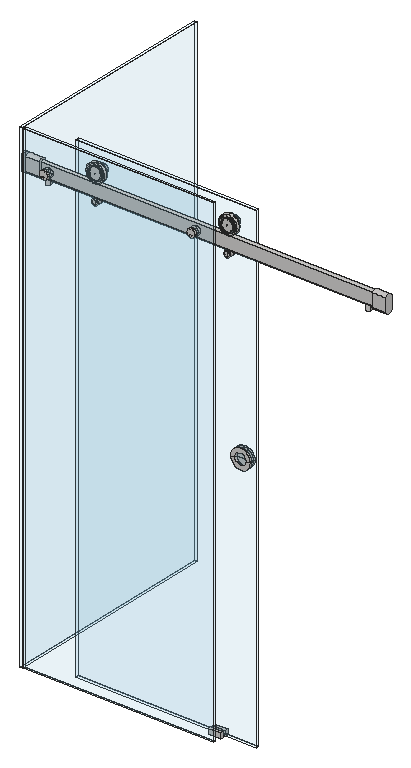
Revit family "Doors_Sliding-Doors_Krownlab_Rorik_Corner-Sliding-Doors1", category Specialty Equipment, Revit 2017
Family settings
  Round Connector Dimension = Use Diameter
  Part Type = Normal
  OmniClass Number = 23.30.10.24.17
  OmniClass Title = Other Special Purpose Doors
  Work Plane-Based = No
  Always vertical = Yes
  Cut with Voids When Loaded = No
  Shared = No
  Room Calculation Point = No
Parameters (values of type "60 x 80")
  Warning Note Visibility [instance] = yes
  Warning Note [instance] = and(Warning Note Visibility, or(Clear Opening Width > 40", Moving Panel Width > Fixed Panel Width))  # no
  URL = "www.krownlab.com/rorik"
  Track Head Clearance = Moving Panel Height - Roller Distance from Top of Panel - 3 3/4" + 3/8"  # 73 1/4"
  Standard Glass Weights = "3/8” glass weighs ~5lb/sf. ½” glass weighs ~6.5lb/sf"  # constant formula
  Shower Enclosure Width Maximum = "Up to 145” wall to wall"  # constant formula
  Shower Enclosure Depth = Return Panel Width  # 36"
  Roller Distance Note = if(Roller Distance from Top of Panel < 3", "Minimum 3 Inch distance between top of system and center of roller is required", "Top to Roller Center Accepted")  # "Top to Roller Center Accepted"
  Roller Distance from Top of Panel = 3"
  Thcknss_Cntrl = if(Panel Thickness < 3/8", 3/8", if(Panel Thickness > 1/2", 1/2", Panel Thickness))  # 1/2"
  Sliding Door System Finish [instance] = Metal - Krownlab - Brushed Stainless
  Shower Enclosure Width = 60"
  Return Panel Width = 36"
  Product data url = "https://www.bimobject.com/en-us/krownlab/product/krownlab_rorik"
  Product Guid = "81050c2b-4abd-41d7-b6a0-dd9f5f50d341"
  Panel Weight Warning = Glass Weight Calculation > Maximum Panel Weight  # no
  Panel Thickness = 1/2"
  Panel Size Availability = if(Glass Weight Calculation > Maximum Panel Weight, "Panel size is overweight.", if(Shower Enclosure Width < 46", "Minimum Width of 46 Inches", "Available"))  # "Available"
  Panel Area = Moving Panel Width * Moving Panel Height  # 16.5194 SF
  Opening at Return Panel [instance] = not(Opening at Wall)  # no
  Opnng_Dstnc [instance] = if([Opened (%)] < 0, 0", if([Opened (%)] > 100, 0", if(Fixed Panel Width > Moving Panel Width, (Moving Panel Width - Center Overlap - Moving Panel Projection) * (0.01 * [Opened (%)]), (Fixed Panel Width - Center Overlap) * (0.01 * [Opened (%)]))))  # 22.3"
  Open Wall Moving Outside [instance] = and(Moving Panel Outside, Opening at Wall)  # no
  Open Wall Moving Inside [instance] = and(Moving Panel Inside, Opening at Wall)  # yes
  Open Return Moving Outside [instance] = and(Moving Panel Outside, Opening at Return Panel)  # no
  Open Return Moving Inside [instance] = and(Moving Panel Inside, Opening at Return Panel)  # no
  Moving Panel Width = Clear Opening Width + Center Overlap - 1/8" + Moving Panel Projection  # 29 7/8"
  Moving Panel Projection = 0"
  Moving Panel Outside [instance] = not(Moving Panel Inside)  # no
  Moving Panel Inside [instance] = yes
  Moving Panel Height Reduction = 0"
  Moving Panel Height Extension = 0"
  Model = "Rorik Corner Sliding Door Shower System"
  Maximum Panel Weight = 150.00 lbf  # constant formula
  Manufacturer = "Krownlab"
  Opening at Wall [instance] = yes
  Glazing Material [instance] = Glass - Krownlab - Clear Glass
  Glass Weight Calculation = if(Thcknss_Cntrl = 1/2", (Panel Area / 1.00 SF) * 6.50 lbf, if(Thcknss_Cntrl = 3/8", (Panel Area / 1.00 SF) * 5.00 lbf, 0.00 lbf))  # 107.376 lbf
  Fixed Panel Width = (Shower Enclosure Width - Panel Thickness - 1/8" - Clear Opening Width) - Moving Panel Projection  # 31 3/8"
  Fixed Panel Height = 80"
  Edition number = 2
  Edge to Door Pull Center [instance] = 2 1/2"
  Opened (%) [instance] = 80
  Moving Panel Height = Fixed Panel Height - 3/8" + Moving Panel Height Extension - Moving Panel Height Reduction  # 79 5/8"
  Door Pull Option [instance] = Door Pull : Ebba
  Door Pull Finish [instance] = Metal - Krownlab - Brushed Stainless
  Description = "A completely customizable frameless glass sliding door shower system with adjustment features at wall, fixed panel, and door panel attachment points, configurable with up to ADA-compliant 36” clear openings. Made in the USA from high-grade stainless steel and billet aluminum."  # constant formula
  Contact Krownlab = "support@krownlab.com"
  Clear Opening Width Maximum = "Up to 40”"  # constant formula
  Clear Opening Width = 28"
  Clear Opening Note = if(Clear Opening Width > 40", "Clear Opening Width is invalid. Maximum allowed value is 40”", if(Moving Panel Width > Fixed Panel Width, "Clear Opening Width is invalid. Please refer to Actual Clear Opening Width parameter.", "Clear Opening Width Accepted"))  # "Clear Opening Width Accepted"
  Center Overlap Note = if(Center Overlap < 2", "Minimum 2 Inch Overlap is Required", "Overlap Accepted")  # "Overlap Accepted"
  Center Overlap = 2"
  Bottom Edge to Door Pull Center [instance] = 42"
  Assembly Code = "C1020"
  Actual Clear Opening Width = if(Moving Panel Width > Fixed Panel Width, Clear Opening Width - (Moving Panel Width - Fixed Panel Width), Clear Opening Width)  # 28"
Types (5): name | Thcknss_Cntrl | Shower Enclosure Width | Panel Thickness | Panel Area | Opnng_Dstnc | Moving Panel Width | Glass Weight Calculation | Fixed Panel Width | Clear Opening Width | Actual Clear Opening Width
  (no name) | 1/2" | 60" | 1/2" | 16.5194 SF | 22.3" | 29 7/8" | 107.376 lbf | 31 3/8" | 28" | 28"
  78 x 80 | 1/2" | 78" | 1/2" | 20.943 SF | 28.7" | 37 7/8" | 136.13 lbf | 41 3/8" | 36" | 36"
  72 x 80 | 1/2" | 72" | 1/2" | 19.8371 SF | 27.1" | 35 7/8" | 128.941 lbf | 37 3/8" | 34" | 34"
  60 x 80 | 1/2" | 60" | 1/2" | 16.5194 SF | 22.3" | 29 7/8" | 107.376 lbf | 31 3/8" | 28" | 28"
  Create a Custom Size | 3/8" | 84" | 3/8" | 23.1548 SF | 31.9" | 41 7/8" | 115.774 lbf | 43 1/2" | 40" | 40"
Reference planes (in)
  plane 1 "Center (Front/Back)": y = 0
  plane 2: z = 0
  plane 3 "Center (Left/Right)": x = 0
  plane 4: z = 0.375
  plane 5 "Left": x = -29.625
  plane 6 "Right": x = 29.625
  plane 7: z = 74.38753
  plane 8: z = 80
  plane 9 "Opening": x = 7.325
  plane 10 "L": x = -29.75
  plane 11 "R": x = 29.75
  plane 12: x = -27.531
  plane 13: x = 27.531
  plane 14: y = 0.6875
  plane 15: z = 72.41202
  plane 16: z = 73.24563
  plane 17 "Arr0w": x = 14.6875
  plane 18 "Arroww": z = 40
  plane 19: z = 77
  plane 20: y = -0.5
  plane 21: x = -30.25
  plane 22: x = -30.5
  plane 23: y = 35.5
  plane 24: x = -7.325
  plane 25: z = 40
  plane 26: x = -14.6875
  plane 27: x = 1.75
  plane 28: x = -0.25
  plane 29: x = 29.625
  plane 30: x = -1.75
  plane 31: x = 0.25
  plane 32: x = -29.625
  plane 33: z = 80
Forms (in)
  Sweep 1, solid, material "Metal - Krownlab - Brushed Stainless" <- "Sliding Door System Finish", detail levels medium+fine
    path origin (0, 0, 0) x (1, 0, 0) y (0, 0, 1)
      loop
        line (-27.531, 74.38753) -> (27.531, 74.38753)
    profile origin (0, 0, 74.38753) x (0, 0, 1) y (0, -1, 0)
      loop
        line (-1.02759, -1.09375) -> (1.01196, -1.09375)
        arc (1.01196, -1.09375) -> (1.21778, -0.6875) -> (1.01196, -0.28125) r 0.50385
        line (1.01196, -0.28125) -> (-1.02759, -0.28125)
        arc (-1.02759, -0.28125) -> (-1.23341, -0.6875) -> (-1.02759, -1.09375) r 0.50385
  Extrusion 2, solid, material "Metal - Krownlab - Brushed Stainless" <- "Sliding Door System Finish", detail levels medium+fine
    sketch origin (0, 0, 0) x (0, 1, 0) y (0, 0, 1)
      loop
        arc (1.24, 75.52147) -> (0.6875, 75.79009) -> (0.135, 75.52147) r 0.7025
        line (0.135, 75.52147) -> (0.135, 73.23668)
        arc (0.135, 73.23668) -> (0.6875, 72.96806) -> (1.24, 73.23668) r 0.7025
        line (1.24, 73.23668) -> (1.24, 75.52147)
    from -29.75 to -27.531
  Extrusion 3, solid, material "Metal - Krownlab - Brushed Stainless" <- "Sliding Door System Finish", detail levels medium+fine
    sketch origin (0, 0, 3.5) x (0, 1, 0) y (0, 0, 1)
      loop
        arc (1.24, 72.02147) -> (0.6875, 72.29009) -> (0.135, 72.02147) r 0.7025
        line (0.135, 72.02147) -> (0.135, 69.73668)
        arc (0.135, 69.73668) -> (0.6875, 69.46806) -> (1.24, 69.73668) r 0.7025
        line (1.24, 69.73668) -> (1.24, 72.02147)
    from 27.531 to 29.75
  Sweep 4, solid, material "Metal - Krownlab - Brushed Stainless" <- "Sliding Door System Finish", detail levels coarse
    path origin (0, 0, 0) x (1, 0, 0) y (0, 0, 1)
      loop
        line (-29.75, 74.41016) -> (29.75, 74.41016)
    profile origin (0, 0, 74.41016) x (0, 0, 1) y (0, -1, 0)
      loop
        line (1.11328, -0.135) -> (-1.16453, -0.135) -> (-1.16453, -1.24) -> (1.11328, -1.24) -> (1.11328, -0.135)
  Extrusion 5, solid, material "Metal - Krownlab - Brushed Stainless" <- "Sliding Door System Finish", detail levels medium+fine
    sketch origin (0, 0, 0) x (1, 0, 0) y (0, 1, 0)
      loop
        circle (-26.47811, 0.67597) r 0.35337
    from 72.41202 to 73.24563
  Extrusion 6, solid, material "Metal - Krownlab - Brushed Stainless" <- "Sliding Door System Finish", detail levels medium+fine
    sketch origin (0, 0, 0) x (-1, 0, 0) y (0, -1, 0)
      loop
        circle (-26.47811, -0.67597) r 0.35337
    from 72.41202 to 73.24563
  Extrusion 7, solid, material "Glass - Krownlab - Clear Glass" <- "Glazing Material"
    sketch origin (0, 0, 0) x (1, 0, 0) y (0, 1, 0)
      loop
        line (-30.25, 35.5) -> (-30.25, -0.5) -> (-29.75, -0.5) -> (-29.75, 35.5) -> (-30.25, 35.5)
    from 0 to 80
  Extrusion 8, solid, material "Metal - Krownlab - Brushed Stainless" <- "Sliding Door System Finish"
    sketch origin (0, 0, 0) x (0, 1, 0) y (0, 0, 1)
      loop
        arc (1.24, 75.52147) -> (0.6875, 75.79009) -> (0.135, 75.52147) r 0.7025
        line (0.135, 75.52147) -> (0.135, 73.23668)
        arc (0.135, 73.23668) -> (0.6875, 72.96806) -> (1.24, 73.23668) r 0.7025
        line (1.24, 73.23668) -> (1.24, 75.52147)
    from -30.5 to -30.25
Cuts and joins
  joined: Sweep 1, Extrusion 5, Extrusion 6
Lines and regions (in)
  Masking region 1
    outline origin (0, 0, 0) x (1, 0, 0) y (0, 1, 0)
      loop
        line (-30.25, 35.5) -> (-30.25, -0.5) -> (-29.75, -0.5) -> (-29.75, 35.5) -> (-30.25, 35.5)
  symbolic lines, style "SpecialityEquipmentHiddenLines"
    curve 1: line (-29.75, 1.24, 0) -> (29.75, 1.24, 0)
    curve 2: line (-29.75, 0.135, 0) -> (-29.75, 1.24, 0)
    curve 3: line (29.75, 0.135, 0) -> (-29.75, 0.135, 0)
    curve 4: line (29.75, 1.24, 0) -> (29.75, 0.135, 0)
    curve 5: line (-30.25, 0.135, 0) -> (-30.25, 1.24, 0)
    curve 6: line (-30.25, 1.24, 0) -> (-30.5, 1.24, 0)
    curve 7: line (-30.5, 1.24, 0) -> (-30.5, 0.135, 0)
    curve 8: line (-30.5, 0.135, 0) -> (-30.25, 0.135, 0)
Dimensions and locks (in)
  plane 4 to plane 2 = 3/8"
  "Fixed Panel Height": plane 8 to plane 2
  "Shower Enclosure Width": plane 11 "R" to plane 21
  "Opnng_Dstnc": plane 6 "Right" to plane 9 "Opening"
  plane 12 to plane 5 "Left" to plane 10 "L" = 2.094" locked, 1/8" locked
  plane 11 "R" to plane 6 "Right" to plane 13 = 1/8" locked, 2.094" locked
  plane 14 to plane 1 "Center (Front/Back)" = 11/16"
  Sweep 4 sketch curve to plane 14 to Sweep 4 sketch curve = 0.5525" locked, 0.5525" locked
  Sweep 4 sketch curve to plane 7 to Sweep 4 sketch curve = 1.1419" locked, 1.13591" locked
  Extrusion 2 sketch curve to plane 14 to Extrusion 2 sketch curve = 0.5525" locked, 0.5525" locked
  Extrusion 3 sketch curve to plane 14 to Extrusion 3 sketch curve = 0.5525" locked, 0.5525" locked
  Sweep 1 sketch curve to plane 14 to Sweep 1 sketch curve = 13/32" locked, 13/32" locked
  plane 7 to plane 16 to plane 15 = 1.1419" locked, 0.83362" locked
  locked: plane 1 "Center (Front/Back)" to Extrusion 6 sketch curve at 0.67597
  locked: plane 5 "Left" to Extrusion 5 sketch curve at 3.14689
  locked: plane 1 "Center (Front/Back)" to Extrusion 5 sketch curve at 0.67597
  locked: Extrusion 6 sketch curve to plane 6 "Right" at 3.14689
  equal spacing: plane 8, plane 18 "Arroww", plane 2
  locked: plane 19 to plane 7 at 2.61247
  "Roller Distance from Top of Panel": plane 33 to plane 19
  "Thcknss_Cntrl": plane 20 to plane 1 "Center (Front/Back)"
  locked: plane 22 to plane 21 at 0.25
  "Panel Thickness": plane 21 to plane 10 "L"
  "Return Panel Width": plane 20 to plane 23
  "Opnng_Dstnc": plane 24 to plane 5 "Left"
  equal spacing: plane 8, plane 25, level
  "Fixed Panel Width": plane 27 to plane 5 "Left"
  "Center Overlap": plane 27 to plane 28
  "Moving Panel Width": plane 28 to plane 29
  equal spacing: plane 28, plane 17 "Arr0w", plane 29
  "Fixed Panel Width": plane 6 "Right" to plane 30
  "Center Overlap": plane 30 to plane 31
  "Moving Panel Width": plane 32 to plane 31
  equal spacing: plane 10 "L", plane 3 "Center (Left/Right)", plane 11 "R"
  equal spacing: plane 32, plane 26, plane 31
  "Edge to Door Pull Center": plane 9 "Opening" to nested 13
  "Edge to Door Pull Center": nested 14 to plane 24
  "Bottom Edge to Door Pull Center": nested 14 to plane 4
  "Bottom Edge to Door Pull Center": nested 13 to plane 4
  "Moving Panel Height": plane 33 to plane 4
  aligned and locked: plane 2 to level
  aligned and locked: plane 4 to nested 1
  aligned and locked: plane 2 to nested 2
  aligned and locked: nested 2 to plane 5 "Left"
  aligned and locked: plane 9 "Opening" to nested 1
  aligned and locked: plane 7 to Sweep 1 sketch curve
  aligned and locked: Extrusion 2 to plane 10 "L"
  aligned and locked: plane 12 to Extrusion 2
  aligned and locked: plane 12 to Sweep 1 sketch curve
  aligned and locked: plane 13 to Sweep 1 sketch curve
  aligned and locked: Extrusion 3 to plane 11 "R"
  aligned and locked: Extrusion 3 to plane 13
  aligned and locked: plane 10 "L" to Sweep 4 sketch curve
  aligned and locked: Sweep 4 sketch curve to nested 2
  aligned and locked: plane 11 "R" to Sweep 4 sketch curve
  aligned and locked: nested 2 to plane 1 "Center (Front/Back)"
  aligned and locked: plane 15 to Extrusion 5
  aligned and locked: Extrusion 5 to plane 16
  aligned and locked: plane 15 to Extrusion 6
  aligned and locked: Extrusion 6 to plane 16
  aligned and locked: plane 10 "L" to curve 2
  aligned and locked: plane 11 "R" to curve 4
  aligned and locked: plane 17 "Arr0w" to nested 3
  aligned and locked: plane 17 "Arr0w" to nested 4
  aligned and locked: plane 18 "Arroww" to nested 4
  aligned and locked: nested 2 to plane 14
  aligned and locked: nested 5 to nested 1
  aligned and locked: level to nested 5
  aligned and locked: Extrusion 7 sketch curve to plane 23
  aligned and locked: Extrusion 7 sketch curve to plane 10 "L"
  aligned and locked: Extrusion 7 sketch curve to plane 21
  aligned and locked: Extrusion 7 sketch curve to plane 20
  aligned and locked: Extrusion 7 to level
  aligned and locked: Extrusion 7 to plane 8
  aligned and locked: Masking region 1 sketch curve to Extrusion 7  (x4)
  aligned and locked: Extrusion 8 sketch curve to Extrusion 2  (x4)
  aligned and locked: Extrusion 8 to plane 22
  aligned and locked: plane 21 to Extrusion 8
  aligned and locked: nested 6 to plane 4
  aligned and locked: nested 7 to level
  aligned and locked: nested 6 to plane 24
  aligned and locked: nested 7 to plane 6 "Right"
  aligned and locked: nested 7 to plane 14
  aligned and locked: nested 8 to plane 25
  aligned and locked: nested 9 to plane 26
  aligned and locked: curve 6 to Extrusion 8
  aligned and locked: curve 7 to Extrusion 8
  aligned and locked: curve 8 to Extrusion 8
  aligned and locked: level to nested 10
  aligned and locked: nested 10 to Extrusion 7
  aligned and locked: plane 28 to nested 5
  aligned and locked: nested 8 to plane 26
  aligned and locked: nested 10 to plane 31
  aligned and locked: nested 6 to nested 10
  aligned and locked: level to nested 11
  aligned and locked: level to nested 12
  aligned and locked: nested 6 to nested 12
  aligned and locked: nested 6 to nested 11
  aligned and locked: nested 12 to level
  aligned and locked: nested 10 to level
  aligned and locked: nested 11 to level
  aligned and locked: nested 5 to level
  aligned and locked: plane 28 to nested 11
  aligned and locked: nested 11 to plane 28
  aligned and locked: nested 12 to plane 31
  aligned and locked: plane 31 to nested 12
  aligned and locked: nested 15 to nested 13  (x2)
  aligned and locked: nested 16 to nested 14  (x2)
  aligned and locked: plane 3 "Center (Left/Right)" to nested 17
  aligned and locked: plane 3 "Center (Left/Right)" to nested 18
Automatic sketch dimensions
  profile plane to Sweep 1 sketch curve = 1.02759"
  Sweep 1 sketch curve to Sweep 1 sketch curve = 0"
  Sweep 1 sketch curve to Sweep 1 sketch curve = 0.29803"  (x3)
  Sweep 1 sketch curve to profile plane = 0.71393"
  curve 8 to plane 22 = 0"
  curve 5 to plane 21 = 0"
  curve 5 to plane 1 "Center (Front/Back)" = 0.135"
  curve 2 to plane 1 "Center (Front/Back)" = 0.135"
  curve 5 to plane 14 = 0.5525"
  curve 5 to curve 2 = 0"
  Extrusion 2 sketch curve to plane 14 = 0"  (x2)
  plane 16 to Extrusion 2 sketch curve = 0.00895"
  Extrusion 2 sketch curve to plane 16 = 0.42492"
  Extrusion 2 sketch curve to plane 7 = 0.70007"
  Extrusion 2 sketch curve to Extrusion 2 sketch curve = 0.43388"
  Extrusion 3 sketch curve to plane 14 = 0"  (x2)
  plane 16 to Extrusion 3 sketch curve = 0.00895"
  Extrusion 3 sketch curve to plane 16 = 0.42492"
  Extrusion 3 sketch curve to plane 7 = 0.70007"
  Extrusion 3 sketch curve to Extrusion 3 sketch curve = 0.43388"
  radius of Extrusion 5 sketch curve = 0.35337"
  radius of Extrusion 6 sketch curve = 0.35337"
Nested families (in)
  nested 1: "Krownlab Rorik Moving Panel" at (-7.6125, 1.41115, 0.375), Panel Width <- "Moving Panel Width", Panel Thickness <- "Thcknss_Cntrl", Guide Hardware <- "Sliding Door System Finish", Handpull <- "Door Pull Finish", Mount System Finish <- "Sliding Door System Finish", Panel Material <- "Glazing Material", Door Pull from Edge <- "Edge to Door Pull Center", Door Pull from Bottom <- "Bottom Edge to Door Pull Center", Inside Moving Panel <- "Moving Panel Inside", visible <- "Opening at Wall", type "Rorik Panel"
    with Trolley Distance from Edge 4", Panel Width 29 7/8", Panel Thickness 1/2", Panel Material Glass - Krownlab - Clear Glass, Outside Moving Panel no, Mount System Finish Metal - Krownlab - Brushed Stainless, Inside Moving Panel yes, Handpull Metal - Krownlab - Brushed Stainless, Guide Hardware Metal - Krownlab - Brushed Stainless, Door Pull from Edge 2 1/2", Door Pull from Bottom 42"
  nested 2: "Krownlab Rorik Fixed Panel" at (-13.9375, -0.5, 0), Panel Width <- "Fixed Panel Width", Panel Thickness <- "Thcknss_Cntrl", Fixed Panel Height <- "Fixed Panel Height", Guide Hardware <- "Sliding Door System Finish", Handpull <- "Door Pull Finish", Mount System Finish <- "Sliding Door System Finish", Panel Material <- "Glazing Material", Inside Moving Panel <- "Moving Panel Inside", Outside Moving Panel <- "Moving Panel Outside", visible <- "Opening at Wall", type "Rorik Panel"
    with Trolley Distance from Edge 3 1/2", Panel Width 31 3/8", Panel Thickness 1/2", Panel Material Glass - Krownlab - Clear Glass, Outside Moving Panel no, Mount System Finish Metal - Krownlab - Brushed Stainless, Inside Moving Panel yes, Handpull Metal - Krownlab - Brushed Stainless, Guide Hardware Metal - Krownlab - Brushed Stainless, Fixed Panel Height 80", Moving Panel Height 79 5/8"
  nested 3: "Opening Direction Detail" at (14.6875, -2.66667, 0) x (-1, 0, 0) z (0, 0, 1), visible <- "Opening at Wall", type "Opening Direction Detail"
  nested 4: "Opening Direction Detail" at (14.6875, 0, 40) x (-1, 0, 0) z (0, -1, 0), visible <- "Opening at Wall", type "Opening Direction Detail"
  nested 5: "Krownlab Bottom Guides" at (-0.25, 1.91115, 0), Guide Hardware <- "Sliding Door System Finish", visible <- "Open Wall Moving Inside", type "Rorik Panel"
    with Guide Hardware Metal - Krownlab - Brushed Stainless
  nested 6: "Krownlab Rorik Moving Panel" at (7.6125, 1.41115, 0.375) x (-1, 0, 0) z (0, 0, 1), Panel Width <- "Moving Panel Width", Panel Thickness <- "Thcknss_Cntrl", Guide Hardware <- "Sliding Door System Finish", Handpull <- "Door Pull Finish", Mount System Finish <- "Sliding Door System Finish", Panel Material <- "Glazing Material", Door Pull from Edge <- "Edge to Door Pull Center", Door Pull from Bottom <- "Bottom Edge to Door Pull Center", Inside Moving Panel <- "Moving Panel Inside", visible <- "Opening at Return Panel", type "Rorik Panel"
    with Trolley Distance from Edge 4", Panel Width 29 7/8", Panel Thickness 1/2", Panel Material Glass - Krownlab - Clear Glass, Outside Moving Panel no, Mount System Finish Metal - Krownlab - Brushed Stainless, Inside Moving Panel yes, Handpull Metal - Krownlab - Brushed Stainless, Guide Hardware Metal - Krownlab - Brushed Stainless, Door Pull from Edge 2 1/2", Door Pull from Bottom 42"
  nested 7: "Krownlab Rorik Fixed Panel" at (13.9375, -0.5, 0) x (-1, 0, 0) z (0, 0, 1), Panel Width <- "Fixed Panel Width", Panel Thickness <- "Thcknss_Cntrl", Fixed Panel Height <- "Fixed Panel Height", Guide Hardware <- "Sliding Door System Finish", Handpull <- "Door Pull Finish", Mount System Finish <- "Sliding Door System Finish", Panel Material <- "Glazing Material", Inside Moving Panel <- "Moving Panel Inside", Outside Moving Panel <- "Moving Panel Outside", visible <- "Opening at Return Panel", type "Rorik Panel"
    with Trolley Distance from Edge 3 1/2", Panel Width 31 3/8", Panel Thickness 1/2", Panel Material Glass - Krownlab - Clear Glass, Outside Moving Panel no, Mount System Finish Metal - Krownlab - Brushed Stainless, Inside Moving Panel yes, Handpull Metal - Krownlab - Brushed Stainless, Guide Hardware Metal - Krownlab - Brushed Stainless, Fixed Panel Height 80", Moving Panel Height 79 5/8"
  nested 8: "Opening Direction Detail" at (-14.6875, 0, 40) x (1, 0, 0) z (0, -1, 0), visible <- "Opening at Return Panel", type "Opening Direction Detail"
  nested 9: "Opening Direction Detail" at (-14.6875, -2.66667, 0), visible <- "Opening at Return Panel", type "Opening Direction Detail"
  nested 10: "Krownlab Bottom Guides" at (-1.75089, 1.91115, 0), Guide Hardware <- "Sliding Door System Finish", visible <- "Open Return Moving Inside", type "Rorik Panel"
    with Guide Hardware Metal - Krownlab - Brushed Stainless
  nested 11: "Krownlab Bottom Guides" at (-0.25, -0.02651, 0), Guide Hardware <- "Sliding Door System Finish", visible <- "Open Wall Moving Outside", type "Rorik Panel"
    with Guide Hardware Metal - Krownlab - Brushed Stainless
  nested 12: "Krownlab Bottom Guides" at (-1.75089, -0.02651, 0), Guide Hardware <- "Sliding Door System Finish", visible <- "Open Return Moving Outside", type "Rorik Panel"
    with Guide Hardware Metal - Krownlab - Brushed Stainless
  nested 13: "Door Pull" at (4.825, 1.41115, 42.375) x (1, 0, 0) z (0, -1, 0), visible <- "Open Wall Moving Inside", type <- "Door Pull Option", type "Ebba"
    with Single Sided no, Inger Void 0", Ebba Void 1/2", Double sided yes, Asta Void 0", Panel Thickness 1/2"
  nested 14: "Door Pull" at (-4.825, 1.41115, 42.375) x (-1, 0, 0) z (0, -1, 0), visible <- "Open Return Moving Inside", type <- "Door Pull Option", type "Ebba"
    with Single Sided no, Inger Void 0", Ebba Void 1/2", Double sided yes, Asta Void 0", Panel Thickness 1/2"
  nested 15: "Door Pull" at (4.825, -0.52651, 42.375) x (1, 0, 0) z (0, -1, 0), type <- "Door Pull Option", visible <- "Open Wall Moving Outside", type "Ebba"
    with Single Sided no, Inger Void 0", Ebba Void 1/2", Double sided yes, Asta Void 0", Panel Thickness 1/2"
  nested 16: "Door Pull" at (-4.825, -0.52651, 42.375) x (1, 0, 0) z (0, -1, 0), type <- "Door Pull Option", visible <- "Open Return Moving Outside", type "Ebba"
    with Single Sided no, Inger Void 0", Ebba Void 1/2", Double sided yes, Asta Void 0", Panel Thickness 1/2"
  nested 17: "Krownlab Warning" at (0, -12.20883, 0), visible <- "Warning Note", type "Krownlab Warning"
  nested 18: "Krownlab Warning 3" at (0, 10.606, 0), visible <- "Panel Weight Warning", type "Krownlab Warning 3"
Definition of nested family "Krownlab Rorik Moving Panel"
  Parameters (values of type "Rorik Panel")
    Trolley Distance from Edge [instance] = 4"
    Top to Roller Center = 3"
    Panel Width [instance] = 35"
    Panel Thickness [instance] = 1/2"
    Panel Material [instance] = none
    Panel Height = 79 5/8"
    Outside Moving Panel [instance] = not(Inside Moving Panel)  # no
    Mount System Finish [instance] = none
    Inside Moving Panel [instance] = yes
    Handpull [instance] = none
    Guide Hardware [instance] = none
    Door Pull from Edge [instance] = 2 1/2"
    Door Pull from Bottom [instance] = 42"
  Reference planes (in)
    plane 1 "Center (Front/Back)": y = 0
    plane 2: z = 0
    plane 3 "Center (Left/Right)": x = 0
    plane 4: z = 79.625
    plane 5: x = 17.5
    plane 6: x = -17.5
    plane 7: y = 0
    plane 8: y = 0.5
    plane 9: z = 0
    plane 10: x = -13.5
    plane 11: x = 13.5
    plane 12 "Track centerline": z = 73.90991
    plane 13: z = 76.5
    plane 14: z = 72.2475
    plane 15 "Handle Distance": x = 15
    plane 16 "Handle Height": z = 42
    plane 17: z = 77.98909
    plane 18: y = -1.93766
    plane 19: y = -0.72365
    plane 20: y = -1.43766
    plane 21: z = 79.5
  Forms (in)
    Extrusion 1, solid, material <- "Panel Material", visible <- "Inside Moving Panel"
      sketch origin (0, 0, 0) x (1, 0, 0) y (0, 1, 0)
        loop
          line (-17.5, 0) -> (17.5, 0) -> (17.5, 0.5) -> (-17.5, 0.5) -> (-17.5, 0)
      from 0 to 79.625
    Extrusion 2, solid, material <- "Panel Material", visible <- "Outside Moving Panel"
      sketch origin (0, 0, 0) x (1, 0, 0) y (0, 1, 0)
        loop
          line (-17.5, -1.93766) -> (17.5, -1.93766) -> (17.5, -1.43766) -> (-17.5, -1.43766) -> (-17.5, -1.93766)
      from 0 to 79.625
  Lines and regions (in)
    Masking region 1, visible <- "Outside Moving Panel"
      outline origin (0, 0, 0) x (1, 0, 0) y (0, 1, 0)
        loop
          line (-17.5, -1.93766) -> (17.5, -1.93766) -> (17.5, -1.43766) -> (-17.5, -1.43766) -> (-17.5, -1.93766)
    Masking region 2, visible <- "Inside Moving Panel"
      outline origin (0, 0, 0) x (1, 0, 0) y (0, 1, 0)
        loop
          line (-17.5, 0) -> (17.5, 0) -> (17.5, 0.5) -> (-17.5, 0.5) -> (-17.5, 0)
  Dimensions and locks (in)
    "Panel Thickness": plane 8 to plane 7
    "Panel Width": plane 6 to plane 5
    "Trolley Distance from Edge": plane 6 to plane 10
    "Trolley Distance from Edge": plane 5 to plane 11
    plane 13 to plane 12 "Track centerline" to plane 14 = 2.59009" locked, 1.66242" locked
    "Door Pull from Bottom": plane 16 "Handle Height" to plane 9
    "Door Pull from Edge": plane 5 to plane 15 "Handle Distance"
    "Panel Height": plane 4 to level
    locked: plane 17 to plane 13 at 1.48909
    equal spacing: plane 6, plane 3 "Center (Left/Right)", plane 5
    "Top to Roller Center": plane 21 to plane 13
    locked: plane 7 to plane 19 at 0.72365
    "Panel Thickness": plane 20 to plane 18
    locked: plane 19 to plane 20 at 0.71401
    locked: plane 4 to plane 21 at 0.125
    aligned and locked: plane 2 to level
    aligned and locked: Extrusion 1 sketch curve to plane 7
    aligned and locked: Extrusion 1 sketch curve to plane 8
    aligned and locked: Extrusion 1 sketch curve to plane 6
    aligned and locked: Extrusion 1 sketch curve to plane 5
    aligned and locked: plane 4 to Extrusion 1
    aligned and locked: Extrusion 1 to level
    aligned and locked: plane 10 to nested 1
    aligned and locked: plane 11 to nested 2
    aligned and locked: nested 1 to plane 7
    aligned and locked: nested 2 to plane 7
    aligned and locked: plane 12 "Track centerline" to nested 1
    aligned and locked: plane 12 "Track centerline" to nested 2
    aligned and locked: Extrusion 2 sketch curve to plane 6
    aligned and locked: plane 18 to Extrusion 2 sketch curve
    aligned and locked: Extrusion 2 sketch curve to plane 5
    aligned and locked: nested 3 to plane 10
    aligned and locked: plane 12 "Track centerline" to nested 3
    aligned and locked: plane 12 "Track centerline" to nested 4
    aligned and locked: nested 4 to plane 11
    aligned and locked: Extrusion 2 to plane 20
    aligned and locked: nested 3 to nested 1
    aligned and locked: nested 4 to nested 3
    aligned and locked: plane 4 to Extrusion 2
    aligned and locked: Masking region 1 sketch curve to Extrusion 2  (x4)
    aligned and locked: Masking region 2 sketch curve to Extrusion 1  (x4)
  Automatic sketch dimensions
    plane 1 "Center (Front/Back)" to Extrusion 2 sketch curve = 1.43766"
  Nested families (in)
    nested 1: "Rorik Hardware" at (-13.5, 0.03937, 73.90991), visible <- "Inside Moving Panel", type "Rorik Hardware"
    nested 2: "Rorik Hardware" at (13.5, 0.03937, 73.90991), visible <- "Inside Moving Panel", type "Rorik Hardware"
    nested 3: "Rorik Hardware" at (-13.5, -1.47703, 73.90991) x (-1, 0, 0) z (0, 0, 1), visible <- "Outside Moving Panel", type "Rorik Hardware"
    nested 4: "Rorik Hardware" at (13.5, -1.47703, 73.90991) x (-1, 0, 0) z (0, 0, 1), visible <- "Outside Moving Panel", type "Rorik Hardware"
  Definition of nested family "Rorik Hardware"
    Parameters (values of type "Baldur Hardware")
      Thickness = 3/8"
      Mount System Finish = none
      Analytic Construction = "<None>"
    Reference planes (in)
      plane 1 "Center (Front/Back)": y = -0.03937
      plane 2: z = 0
      plane 3 "Center (Left/Right)": x = 0
      plane 4: z = 2.59009
      plane 5: y = 0.33563
      plane 6: z = -1.66242
    Forms (in)
      Extrusion 1, solid, detail levels medium+fine
        sketch origin (0, -0.03937, 0) x (1, 0, 0) y (0, 0, 1)
          loop
            circle (0, 2.59009) r 1.22673
          loop
            circle (0, 2.59009) r 0.9134
        from 0.41952 to 1.01814
      Extrusion 2, solid, material <- "Mount System Finish", detail levels medium+fine
        sketch origin (0, -0.03937, 0) x (1, 0, 0) y (0, 0, 1)
          loop
            circle (0, 2.59009) r 0.9134
          loop
            circle (0, 2.59009) r 0.09009
        from 0.3645 to 1.07316
      Revolve 3, solid, material <- "Mount System Finish", detail levels medium+fine
        sketch origin (0, 0, 0) x (0, 1, 0) y (0, 0, 1)
          loop
            line (-1.11253, 1.36336) -> (-1.11253, 1.13538)
            arc (-1.11253, 1.13538) -> (-1.09455, 1.10294) -> (-1.05751, 1.101) r 0.03825
            arc (-1.05751, 1.101) -> (-0.7582, 1.20191) -> (-0.45889, 1.101) r 0.49433
            arc (-0.45889, 1.101) -> (-0.42185, 1.10294) -> (-0.40387, 1.13538) r 0.03825
            line (-0.40387, 1.13538) -> (-0.40387, 1.36336) -> (-1.11253, 1.36336)
          axis (-1.11253, 2.59009) -> (-0.40387, 2.59009)
        angle from 0 to 360
      Extrusion 4, solid, material <- "Mount System Finish", detail levels coarse
        sketch origin (0, -0.03937, 0) x (1, 0, 0) y (0, 0, 1)
          loop
            circle (0, 2.59009) r 1.48909
        from 0.3645 to 1.07316
      Extrusion 5, solid, material <- "Mount System Finish"
        sketch origin (0, -0.03937, 0) x (1, 0, 0) y (0, 0, 1)
          loop
            circle (0, 2.59009) r 0.69755
        from 0 to 0.3645
      Extrusion 6, solid, material <- "Mount System Finish"
        sketch origin (0, -0.03937, 0) x (1, 0, 0) y (0, 0, 1)
          loop
            circle (0, 2.59009) r 0.69755
        from -0.60187 to -0.375
      Extrusion 7, solid, material <- "Mount System Finish"
        sketch origin (0, -0.03937, 0) x (1, 0, 0) y (0, 0, 1)
          loop
            circle (0, -1.66242) r 0.48386
        from -0.375 to -0.6025
      Revolve 8, solid, material <- "Mount System Finish", detail levels medium+fine
        sketch origin (0, 0, -4.75) x (0, 1, 0) y (0, 0, 1)
          loop
            line (-1.15351, 3.08758) -> (-1.15351, 2.63737)
            arc (-1.15351, 2.63737) -> (-1.13553, 2.60493) -> (-1.09849, 2.60299) r 0.03825
            arc (-1.09849, 2.60299) -> (-0.75572, 2.71547) -> (-0.41329, 2.60198) r 0.57588
            line (-0.41329, 2.60198) -> (-0.03937, 2.60198) -> (-0.03937, 3.08758) -> (-1.15351, 3.08758)
          axis (-1.15351, 3.08758) -> (-0.03937, 3.08758)
        angle from 0 to 360
      Extrusion 9, solid, material <- "Mount System Finish"
        sketch origin (0, -0.03937, 0) x (1, 0, 0) y (0, 0, 1)
          loop
            circle (0, -1.66242) r 0.25
          loop
            circle (0, 2.59009) r 0.25
        from -0.375 to 0
      Extrusion 10, solid, material <- "Mount System Finish", detail levels coarse
        sketch origin (0, -0.03937, 0) x (1, 0, 0) y (0, 0, 1)
          loop
            circle (0, -1.66242) r 0.48561
        from 0 to 1.11512
    Dimensions and locks (in)
      locked: plane 4 to plane 2 at 2.59009
      locked: Extrusion 6 to plane 5 at 0.22687
      "Thickness": plane 5 to plane 1 "Center (Front/Back)"
      locked: plane 2 to plane 6 at 1.66242
      locked: Extrusion 7 to plane 5 at 0.2275
      aligned and locked: plane 2 to level
      aligned and locked: plane 4 to Extrusion 1 sketch curve
      aligned and locked: plane 3 "Center (Left/Right)" to Extrusion 1 sketch curve
      aligned and locked: plane 4 to Extrusion 2 sketch curve  (x2)
      aligned and locked: plane 3 "Center (Left/Right)" to Extrusion 2 sketch curve  (x2)
      aligned and locked: plane 4 to Extrusion 4 sketch curve
      aligned and locked: plane 3 "Center (Left/Right)" to Extrusion 4 sketch curve
      aligned and locked: plane 4 to Extrusion 5 sketch curve
      aligned and locked: plane 3 "Center (Left/Right)" to Extrusion 5 sketch curve
      aligned and locked: plane 4 to Extrusion 6 sketch curve
      aligned and locked: plane 3 "Center (Left/Right)" to Extrusion 6 sketch curve
      aligned and locked: Extrusion 6 to plane 5
      aligned and locked: plane 6 to Extrusion 7 sketch curve
      aligned and locked: plane 3 "Center (Left/Right)" to Extrusion 7 sketch curve
      aligned and locked: Extrusion 7 to plane 5
      aligned and locked: plane 6 to Revolve 8 sketch curve
      aligned and locked: plane 3 "Center (Left/Right)" to Extrusion 9 sketch curve  (x2)
      aligned and locked: plane 6 to Extrusion 9 sketch curve
      aligned and locked: plane 5 to Extrusion 9
      aligned and locked: plane 1 "Center (Front/Back)" to Extrusion 9
      aligned and locked: plane 4 to Extrusion 9 sketch curve
      aligned and locked: plane 6 to Extrusion 10 sketch curve
      aligned and locked: plane 3 "Center (Left/Right)" to Extrusion 10 sketch curve
      aligned and locked: Extrusion 10 to plane 1 "Center (Front/Back)"
    Automatic sketch dimensions
      Extrusion 1 sketch curve to Extrusion 1 sketch curve = 0"  (x2)
      Revolve 3 sketch curve to plane 4 = 0"
      plane 1 "Center (Front/Back)" to Revolve 3 sketch curve = 1.07316"
      Revolve 3 sketch curve to Revolve 3 sketch curve = 0.03825"  (x2)
      Revolve 3 sketch curve to Revolve 3 sketch curve = 0.31608"
      plane 1 "Center (Front/Back)" to Revolve 3 sketch curve = 0.40275"
      Revolve 3 sketch curve to plane 4 = 1.22673"
      Revolve 3 sketch curve to Revolve 3 sketch curve = 0.22798"  (x2)
      Revolve 3 sketch curve to Revolve 3 sketch curve = 0.4278"
      Revolve 3 sketch curve to Revolve 3 sketch curve = 0.79587"
      Revolve 3 sketch curve to Revolve 3 sketch curve = 0.01677"
      Revolve 3 sketch curve to plane 5 = 0.17815"
      Revolve 8 sketch curve to plane 6 = 0"
      Revolve 8 sketch curve to plane 1 "Center (Front/Back)" = 0"
      Revolve 8 sketch curve to Revolve 8 sketch curve = 0.35868"
      Revolve 8 sketch curve to Revolve 8 sketch curve = 0.03825"
      Revolve 8 sketch curve to plane 6 = 0.45022"
      Revolve 8 sketch curve to plane 6 = 0.48561"
      Revolve 8 sketch curve to Revolve 8 sketch curve = 0.46238"
      plane 1 "Center (Front/Back)" to Revolve 8 sketch curve = 0.37392"
      Revolve 8 sketch curve to Revolve 8 sketch curve = 0.01677"
      Revolve 8 sketch curve to Revolve 8 sketch curve = 0.75489"
      Revolve 8 sketch curve to plane 5 = 0.17815"
      radius of Extrusion 1 sketch curve = 1.22673"
      radius of Extrusion 1 sketch curve = 0.9134"
      radius of Extrusion 2 sketch curve = 0.9134"
      radius of Extrusion 2 sketch curve = 0.09009"
      radius of Extrusion 4 sketch curve = 1.48909"
      radius of Extrusion 5 sketch curve = 0.69755"
      radius of Extrusion 6 sketch curve = 0.69755"
      radius of Extrusion 7 sketch curve = 0.48386"
      radius of Extrusion 9 sketch curve = 1/4"  (x2)
      radius of Extrusion 10 sketch curve = 0.48561"
Definition of nested family "Krownlab Rorik Fixed Panel"
  Parameters (values of type "Rorik Panel")
    Trolley Distance from Edge [instance] = 3 1/2"
    Top to Roller Center = 3"
    Panel Width [instance] = 35"
    Panel Thickness [instance] = 1/2"
    Panel Material [instance] = none
    Outside Moving Panel [instance] = yes
    Moving Panel Height = 88 3/8"
    Mount System Finish [instance] = none
    Inside Moving Panel [instance] = yes
    Handpull [instance] = none
    Guide Hardware [instance] = none
    Fixed Panel Height [instance] = 77 3/8"
  Reference planes (in)
    plane 1 "Center (Front/Back)": y = 0
    plane 2: z = 0
    plane 3 "Center (Left/Right)": x = 0
    plane 4: z = 77.375
    plane 5: x = 17.5
    plane 6: x = -17.5
    plane 7: y = 0
    plane 8: y = 0.5
    plane 9: z = 0
    plane 10: x = -14
    plane 11: x = 14
    plane 12 "Track centerline": z = 83.16016
    plane 13: y = -0.25
    plane 14: y = 0.75
    plane 15: z = 85.75
    plane 16: y = 1.1875
    plane 17: y = 2.375
    plane 18: y = 1.875
    plane 19: z = 88.75
    plane 20: z = 0.375
  Forms (in)
    Extrusion 1, solid, material <- "Panel Material", visible <- "Inside Moving Panel"
      sketch origin (0, 0, 0) x (1, 0, 0) y (0, 1, 0)
        loop
          line (-17.5, 0) -> (17.5, 0) -> (17.5, 0.5) -> (-17.5, 0.5) -> (-17.5, 0)
      from 0 to 77.375
    Extrusion 2, solid, material <- "Mount System Finish", visible <- "Inside Moving Panel"
      sketch origin (0, 0, 0) x (1, 0, 0) y (0, 0, 1)
        loop
          circle (-14, 83.16016) r 0.67114
        loop
          circle (14, 83.16016) r 0.67114
      from 0 to 0.25
    Extrusion 3, solid, material <- "Mount System Finish", visible <- "Inside Moving Panel"
      sketch origin (0, 0, 0) x (1, 0, 0) y (0, 0, 1)
        loop
          circle (14, 83.16016) r 0.67114
        loop
          circle (-14, 83.16016) r 0.67114
      from -0.5 to -0.75
    Extrusion 4, solid, material <- "Panel Material", visible <- "Outside Moving Panel"
      sketch origin (0, 0, 0) x (1, 0, 0) y (0, 1, 0)
        loop
          line (-17.5, 2.375) -> (-17.5, 1.875) -> (17.5, 1.875) -> (17.5, 2.375) -> (-17.5, 2.375)
      from 0 to 77.375
    Revolve 5, solid, material <- "Mount System Finish", visible <- "Outside Moving Panel"
      sketch origin (-36.0566, -180, 83.16016) x (-1, 0, 0) y (0, -1, 0)
        loop
          line (-22.0566, -181.875) -> (-22.0566, -181.625) -> (-22.72774, -181.625) -> (-22.72774, -181.875) -> (-22.0566, -181.875)
        loop
          line (-22.0566, -182.375) -> (-22.72774, -182.375) -> (-22.72774, -182.625) -> (-22.0566, -182.625) -> (-22.0566, -182.375)
        axis (-22.0566, -182.625) -> (-22.0566, -181.625)
      angle from 0 to 360
    Revolve 6, solid, material <- "Mount System Finish", visible <- "Outside Moving Panel"
      sketch origin (-36.0566, -180, 83.16016) x (-1, 0, 0) y (0, -1, 0)
        loop
          line (-50.0566, -181.875) -> (-50.0566, -181.625) -> (-50.72774, -181.625) -> (-50.72774, -181.875) -> (-50.0566, -181.875)
        loop
          line (-50.0566, -182.375) -> (-50.72774, -182.375) -> (-50.72774, -182.625) -> (-50.0566, -182.625) -> (-50.0566, -182.375)
        axis (-50.0566, -182.625) -> (-50.0566, -181.625)
      angle from 0 to 360
  Lines and regions (in)
    Masking region 1, visible <- "Inside Moving Panel"
      outline origin (0, 0, 0) x (1, 0, 0) y (0, 1, 0)
        loop
          line (17.5, 0.5) -> (-17.5, 0.5) -> (-17.5, 0) -> (17.5, 0) -> (17.5, 0.5)
    Masking region 2, visible <- "Outside Moving Panel"
      outline origin (0, 0, 0) x (1, 0, 0) y (0, 1, 0)
        loop
          line (17.5, 2.375) -> (-17.5, 2.375) -> (-17.5, 1.875) -> (17.5, 1.875) -> (17.5, 2.375)
  Dimensions and locks (in)
    "Panel Thickness": plane 8 to plane 7
    "Fixed Panel Height": plane 4 to level
    "Panel Width": plane 6 to plane 5
    "Trolley Distance from Edge": plane 6 to plane 10
    "Trolley Distance from Edge": plane 5 to plane 11
    locked: plane 7 to plane 13 at 0.25
    locked: plane 14 to plane 8 at 0.25
    locked: plane 15 to plane 12 "Track centerline" at 2.58984
    "Top to Roller Center": plane 19 to plane 15
    equal spacing: plane 6, plane 3 "Center (Left/Right)", plane 5
    locked: plane 16 to plane 8 at 0.6875
    locked: plane 18 to plane 16 at 0.6875
    "Panel Thickness": plane 18 to plane 17
    Revolve 5 sketch curve to Revolve 5 sketch curve to Revolve 5 sketch curve = 0.67114" locked, 0" locked
    locked: plane 17 to Revolve 5 sketch curve at 0.25
    locked: Revolve 5 sketch curve to plane 18 at 0.25
    locked: Revolve 6 sketch curve to plane 18 at 0.25
    locked: plane 17 to Revolve 6 sketch curve at 0.25
    locked: Revolve 6 sketch curve to Revolve 6 sketch curve at 0.67114  (x2)
    "Moving Panel Height": plane 19 to plane 20
    locked: plane 20 to level at 0.375
    aligned and locked: plane 2 to level
    aligned and locked: Extrusion 1 sketch curve to plane 7
    aligned and locked: Extrusion 1 sketch curve to plane 8
    aligned and locked: Extrusion 1 sketch curve to plane 6
    aligned and locked: Extrusion 1 sketch curve to plane 5
    aligned and locked: plane 4 to Extrusion 1
    aligned and locked: Extrusion 1 to level
    aligned and locked: plane 7 to Extrusion 2
    aligned and locked: plane 13 to Extrusion 2
    aligned and locked: plane 10 to Extrusion 2 sketch curve
    aligned and locked: plane 12 "Track centerline" to Extrusion 2 sketch curve  (x2)
    aligned and locked: plane 11 to Extrusion 2 sketch curve
    aligned and locked: plane 12 "Track centerline" to Extrusion 3 sketch curve  (x2)
    aligned and locked: plane 11 to Extrusion 3 sketch curve
    aligned and locked: plane 10 to Extrusion 3 sketch curve
    aligned and locked: Extrusion 3 to plane 8
    aligned and locked: Extrusion 3 to plane 14
    aligned and locked: plane 17 to Extrusion 4 sketch curve
    aligned and locked: Extrusion 4 sketch curve to plane 6
    aligned and locked: plane 18 to Extrusion 4 sketch curve
    aligned and locked: Extrusion 4 sketch curve to plane 5
    aligned and locked: Revolve 5 sketch curve to plane 10
    aligned and locked: Revolve 5 sketch curve to plane 17
    aligned and locked: Revolve 5 sketch curve to plane 18
    aligned and locked: Revolve 5 sketch curve to Revolve 5 sketch curve  (x2)
    aligned and locked: Revolve 6 sketch curve to Revolve 6 sketch curve  (x2)
    aligned and locked: Revolve 6 sketch curve to plane 11
    aligned and locked: Revolve 6 sketch curve to plane 17
    aligned and locked: Revolve 6 sketch curve to plane 18
    aligned and locked: plane 4 to Extrusion 4
    aligned and locked: Extrusion 4 to level
    aligned and locked: Extrusion 1 to plane 4
    aligned and locked: Masking region 1 sketch curve to Extrusion 1  (x4)
    aligned and locked: Masking region 2 sketch curve to Extrusion 4  (x4)
  Automatic sketch dimensions
    Revolve 5 sketch curve to Revolve 5 sketch curve = 4.56458"
    Revolve 5 sketch curve to plane 13 = 12.63258"
    Revolve 6 sketch curve to Revolve 6 sketch curve = 4.56458"
    Revolve 6 sketch curve to plane 13 = 12.63258"
    radius of Extrusion 2 sketch curve = 0.67114"  (x2)
    radius of Extrusion 3 sketch curve = 0.67114"  (x2)
Definition of nested family "Krownlab Bottom Guides"
  Parameters (values of type "Rorik Panel")
    Thickness = 3/8"
    Guide Hardware [instance] = none
    Analytic Construction = "<None>"
  Reference planes (in)
    plane 1 "Center (Front/Back)": y = 0
    plane 2: z = 0
    plane 3 "Center (Left/Right)": x = 0
    plane 4: y = -0.375
    plane 5: z = 0.375
    plane 6: x = 1.00044
  Forms (in)
    Extrusion 1, solid, material <- "Guide Hardware"
      sketch origin (0, 0, 0) x (0, 1, 0) y (0, 0, 1)
        loop
          line (0.4275, 0) -> (0.4275, 0.8375) -> (0, 0.8375) -> (0, 0.168) -> (-0.375, 0.168) -> (-0.375, 0.8375) -> (-0.8025, 0.8375) -> (-0.8025, 0) -> (0.4275, 0)
      from 0 to 2.00089
  Dimensions and locks (in)
    locked: Extrusion 1 to Extrusion 1 at 2.00089
    plane 4 to Extrusion 1 sketch curve = 0.4275"
    "Thickness": plane 1 "Center (Front/Back)" to plane 4
    locked: plane 2 to plane 5 at 0.375
    equal spacing: Extrusion 1, plane 6, plane 3 "Center (Left/Right)"
    aligned and locked: plane 2 to level
    aligned and locked: Extrusion 1 to plane 2
  Automatic sketch dimensions
    Extrusion 1 sketch curve to plane 4 = 0"
    Extrusion 1 sketch curve to plane 1 "Center (Front/Back)" = 0"
    Extrusion 1 sketch curve to level = 0"
    Extrusion 1 sketch curve to plane 1 "Center (Front/Back)" = 0.4275"
    level to Extrusion 1 sketch curve = 0.168"
    plane 5 to Extrusion 1 sketch curve = 0.4625"  (x2)
Definition of nested family "Door Pull"
  Parameters (values of type "Inger")
    Single Sided [instance] = not(Double sided)  # no
    Panel Thickness = 3/8"
    Material = none
    Inger Void [instance] = if(and(Inger, Single Sided), 3/16", if(and(Double sided, Inger), Panel Thickness, 0"))  # 3/8"
    Inger = yes
    Ebba Void [instance] = if(and(Ebba, Single Sided), 3/16", if(and(Double sided, Ebba), Panel Thickness, 0"))  # 0"
    Ebba = no
    Double sided [instance] = yes
    Default Elevation = 48"
    Asta Void [instance] = if(and(Asta, Single Sided), 7/16", if(and(Double sided, Asta), Panel Thickness, 0"))  # 0"
    Asta = no
  Types (2): name | Inger Void | Inger | Ebba Void | Ebba
    Ebba | 0" | no | 3/8" | yes
    Inger | 3/8" | yes | 0" | no
  Reference planes (in)
    plane 1 "Center (Front/Back)": y = 0
    plane 2: z = 0
    plane 3 "Center (Left/Right)": x = 0
    plane 4: z = 0
    plane 5: y = 45
    plane 6: y = -47
    plane 7: z = 0
    plane 8: z = -0.375
    plane 9: z = 0
    plane 10: z = 0
    plane 11: z = -0.375
  Forms (in)
    Extrusion 1, solid
      sketch origin (0, 0, 0) x (1, 0, 0) y (0, 1, 0)
        loop
          line (-48, 48) -> (-48, -48) -> (48, -48) -> (48, 48) -> (-48, 48)
      from 0 to -0.5
  Dimensions and locks (in)
    "Panel Thickness": level to plane 8
    "Asta Void": Extrusion 1 to plane 9
    "Ebba Void": level to plane 10
    "Inger Void": Extrusion 1 to plane 11
    aligned and locked: plane 2 to Extrusion 1
    aligned and locked: level to Extrusion 1
    aligned and locked: plane 3 "Center (Left/Right)" to nested 1
    aligned and locked: plane 3 "Center (Left/Right)" to nested 2
    aligned and locked: plane 1 "Center (Front/Back)" to nested 2
    aligned and locked: plane 1 "Center (Front/Back)" to nested 1
  Automatic sketch dimensions
    Extrusion 1 sketch curve to Extrusion 1 sketch curve = 96"  (x2)
  Nested families (in)
    nested 1: "Ebba_Handle" at (0, 0, 0), type "Ebba"
    nested 2: "Inger Single" at (0, 0, 0), type "Inger"
      with Void 43/256", Not Double Sided no, Front Side yes, Ebba Void 0", Double sided yes, Asta Void 0", Inger yes
    nested 3: "Ebba_Handle" at (0, 0, -0.375) x (1, 0, 0) z (0, 0, -1), visible <- "Double sided", type "Ebba"
    nested 4: "Inger Single" at (0, 0, -0.375) x (1, 0, 0) z (0, 0, -1), visible <- "Double sided", type "Inger"
      with Void 43/256", Not Double Sided no, Front Side yes, Ebba Void 0", Double sided yes, Asta Void 0", Inger yes
  Definition of nested family "Inger Single"
    Parameters (values of type "Inger")
      Void [instance] = 43/256"  # constant formula
      Not Double Sided [instance] = not(or(Front Side, Double sided))  # no
      Material = none
      Inger = no
      Front Side [instance] = yes
      Ebba Void [instance] = if(Not Double Sided, 0", if(Ebba, 1/2", 0"))  # 0"
      Ebba = no
      Double sided [instance] = yes
      Default Elevation = 48"
      Asta Void [instance] = if(Not Double Sided, 0", if(Asta, 1/2", 0"))  # 0"
      Asta = no
    Reference planes (in)
      plane 1 "Center (Front/Back)": y = 0
      plane 2: z = 0
      plane 3 "Center (Left/Right)": x = 0
      plane 4: y = 5
      plane 5: y = -5
      plane 6: x = 0.90625
      plane 7: x = -0.90625
      plane 8: x = -0.625
      plane 9: x = 0.625
      plane 10: y = 4.125
      plane 11: y = -4.125
      plane 12: z = 0.125
      plane 13: z = 0
      plane 14: y = 45
      plane 15: y = -47
      plane 16: z = 0
    Forms (in)
      Extrusion 1, solid
        sketch origin (0, 0, 0) x (1, 0, 0) y (0, 1, 0)
          loop
            line (-48, 48) -> (-48, -48) -> (48, -48) -> (48, 48) -> (-48, 48)
        from 0 to -12
      Extrusion 2, solid, material <- "Material", visible <- "Inger"
        sketch origin (0, 0, 0) x (1, 0, 0) y (0, 1, 0)
          loop
            line (-0.375, 9) -> (-0.375, -9) -> (0.375, -9) -> (0.375, 9) -> (-0.375, 9)
        from 0 to 2
    Dimensions and locks (in)
      plane 4 to plane 1 "Center (Front/Back)" to plane 5 = 5" locked, 5" locked
      plane 7 to plane 3 "Center (Left/Right)" to plane 6 = 29/32" locked, 29/32" locked
      plane 11 to plane 1 "Center (Front/Back)" to plane 10 = 4 1/8" locked, 4 1/8" locked
      plane 12 to plane 2 = 1/8"
      "Ebba Void": Extrusion 1 to plane 16
      aligned and locked: plane 2 to Extrusion 1
      aligned and locked: level to Extrusion 1
    Automatic sketch dimensions
      Extrusion 1 sketch curve to Extrusion 1 sketch curve = 96"  (x2)
      Extrusion 2 sketch curve to plane 8 = 1/4"
      plane 9 to Extrusion 2 sketch curve = 1/4"
      Extrusion 2 sketch curve to plane 5 = 4"
      plane 4 to Extrusion 2 sketch curve = 4"
  Definition of nested family "Ebba_Handle"
    Parameters (values of type "Ebba")
      Material = none
      Ebba = no
      Default Elevation = 48"
    Reference planes (in)
      plane 1 "Center (Front/Back)": y = 0
      plane 2: z = 0
      plane 3 "Center (Left/Right)": x = 0
    Forms (in)
      Extrusion 1, solid
        sketch origin (0, 0, 0) x (1, 0, 0) y (0, 1, 0)
          loop
            line (-48, 48) -> (-48, -48) -> (48, -48) -> (48, 48) -> (-48, 48)
        from 0 to -12
      Revolve 2, solid, material <- "Material", visible <- "Ebba"
        sketch origin (0, 0, 0) x (1, 0, 0) y (0, 0, 1)
          loop
            line (1.625, 0) -> (1.625, 0.1875) -> (0.9375, 0.1875) -> (0.9375, -0.15625) -> (0, -0.15625) -> (0, -0.1875) -> (1.0625, -0.1875) -> (1.0625, 0) -> (1.625, 0)
          axis (0, 0.1875) -> (0, -0.1875)
        angle from 0 to 360
    Dimensions and locks (in)
      aligned and locked: plane 2 to Extrusion 1
      aligned and locked: level to Extrusion 1
Definition of nested family "Opening Direction Detail"
  Reference planes (in)
    plane 1 "Center (Front/Back)": y = 0
    plane 2: z = 0
    plane 3 "Center (Left/Right)": x = 0
  Lines and regions (in)
    detail lines, in view "Ref. Level"
      curve 1: line (1.20937, 0, 0) -> (-3.93701, 0, 0)
      curve 2: line (1.20937, 0, 0) -> (0, 1.20937, 0)
      curve 3: line (1.20937, 0, 0) -> (0, -1.20937, 0)
Definition of nested family "Krownlab Warning"
  Parameters (values of type "Krownlab Warning")
    Warning = "!"
    Text = "10\" Overlap Required"
    Text 2 = "CENTER MOUNT REQUIRED"
  Reference planes (in)
    plane 1: y = 0
    plane 2: x = 0
  Lines and regions (in)
    Filled region 1, type "Filled region 1"
      outline origin (0, 0, 0) x (1, 0, 0) y (0, 1, 0)
        loop
          line (0, 0.16703) -> (-0.16703, 0) -> (0, -0.16703) -> (0.16703, 0) -> (0, 0.16703)
  Text (in)
    label "!" at (-0.00306, 0.01684, 0), shows "Warning"
    label "10\" Overlap Required when Center Mount is in use" at (0.05084, -0.34731, 0), shows "Text"
Definition of nested family "Krownlab Warning 3"
  Parameters (values of type "Krownlab Warning 3")
    Warning = "!"
    Text = "Clear Opening Width is invalid. Please refer to Actual Clear Opening Width parameter."
    Text 2 = ""
  Reference planes (in)
    plane 1: y = 0
    plane 2: x = 0
  Lines and regions (in)
    Filled region 1, type "Filled region 1"
      outline origin (0, 0, 0) x (1, 0, 0) y (0, 1, 0)
        loop
          line (0, 0.16703) -> (-0.16703, 0) -> (0, -0.16703) -> (0.16703, 0) -> (0, 0.16703)
  Text (in)
    label "!" at (-0.00306, 0.01684, 0), shows "Warning"
    label "Panel Overweight" at (-0.00306, 0.62273, 0), shows "Text"
